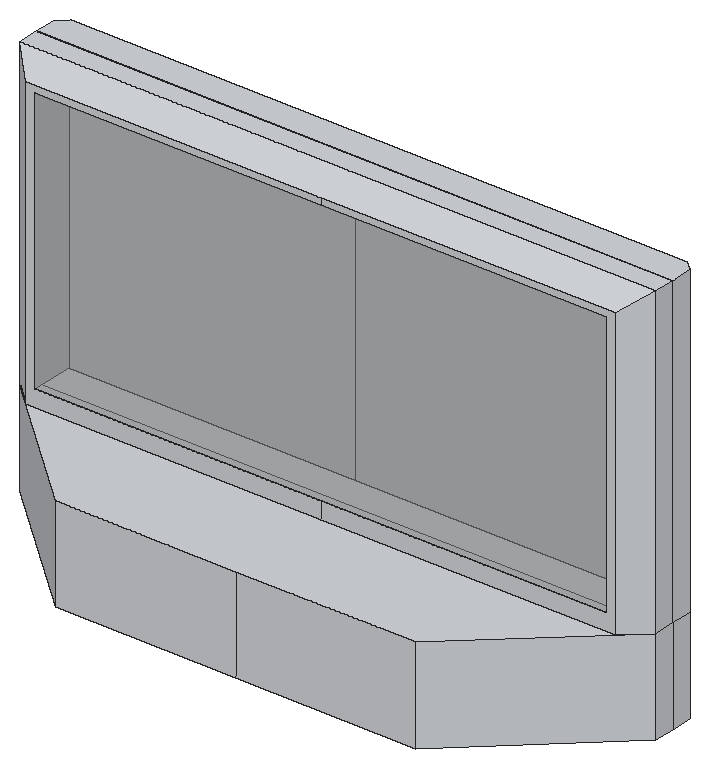
Revit family "7046", category Lighting Fixtures, Revit 2016
Family settings
  Part Type = Normal
  Round Connector Dimension = Use Diameter
  OmniClass Number = 23.80.70.00
  OmniClass Title = Lighting
  Work Plane-Based = No
  Always vertical = Yes
  Cut with Voids When Loaded = No
  Light Source = Yes
  Shared = No
  Room Calculation Point = No
Parameters
  Wattage = 12.1178 W
  built-in parameter 1150110 = 1 (stored number, unit not read)
  built-in parameter 1114217 = 1 (stored number, unit not read)
  built-in parameter 1150109 = 1 (stored number, unit not read)
  built-in parameter 1150134 = (empty or 0)
  built-in parameter 1150113 = 1 (stored number, unit not read)
  Lumens = 1800 lm
  built-in parameter 1150115 = 1 (stored number, unit not read)
  built-in parameter 1150105 = 143.24 (stored number, unit not read)
  Light Source Symbol Size = 2' - 0"
  built-in parameter 1150137 = (empty or 0)
  built-in parameter 1150139 = (empty or 0)
  built-in parameter 1150112 = 1 (stored number, unit not read)
  built-in parameter 1150114 = 1 (stored number, unit not read)
  built-in parameter 1150132 = 2
  built-in parameter 1150102 = (empty or 0)
  built-in parameter 1150138 = (empty or 0)
  built-in parameter 1150107 = 3000 (stored number, unit not read)
  built-in parameter 1150106 = 1.4324 (stored number, unit not read)
  built-in parameter 1150104 = 13.8 (stored number, unit not read)
  Dimming Lamp Color Temperature Shift = (empty or 0)
  Color Filter = 16777215
  built-in parameter 1114218 = 1 (stored number, unit not read)
  built-in parameter 1150133 = 10 (stored number, unit not read)
Reference planes (in)
  plane 1 "Light Source Axis (F/B)": y = -1.5
  plane 2: z = 0
  plane 3 "Light Source Axis (L/R)": x = 0
  plane 4 "Light Source Elevation": z = 5.39634
  plane 5: z = 2.25
  plane 6: x = -7.5
  plane 7: y = -1
Forms (in)
  Extrusion 1, solid
    sketch origin (0, 0, 0) x (1, 0, 0) y (0, 1, 0)
      loop
        line (-7.5, 0) -> (-7.5, -0.5) -> (-4.25, -3.5) -> (0, -3.5) -> (4.25, -3.5) -> (7.5, -0.5) -> (7.5, 0) -> (7.5, 0.5) -> (4.25, 3.5) -> (0, 3.5) -> (-4.25, 3.5) -> (-7.5, 0.5) -> (-7.5, 0)
    from 0 to 2.25
  Extrusion 2, solid
    sketch origin (0, 3.5, 2.25) x (0, 1, 0) y (-1, 0, 0)
      loop
        line (-1.75, 0) -> (-1.75, 6.14583) -> (-3, 7.5) -> (-3.5, 7.5) -> (-3.5, 0) -> (-3.5, -7.5) -> (-3, -7.5) -> (-1.75, -6.14583) -> (-1.75, 0)
    from 0 to 7.25
  Extrusion 3, solid
    sketch origin (0, 3.5, 2.25) x (0, 1, 0) y (-1, 0, 0)
      loop
        line (-3.5, 0) -> (-3.5, 7.5) -> (-4, 7.5) -> (-4.5, 6.95833) -> (-4.5, 0) -> (-4.5, -6.95833) -> (-4, -7.5) -> (-3.5, -7.5) -> (-3.5, 0)
    from 0 to 7.25
  Extrusion 4, void
    sketch origin (-7.5, -180, 0) x (0, 0, 1) y (0, -1, 0)
      loop
        line (9.5, -180.70869) -> (8.68644, -181.75) -> (9.5, -181.75) -> (9.5, -180.70869)
    from 0 to 15
  Extrusion 5, void
    sketch origin (-7.5, -180, 0) x (0, 0, 1) y (0, -1, 0)
      loop
        line (9.5, -179.5) -> (9.5, -179) -> (9.05357, -179) -> (9.5, -179.5)
    from 0 to 15
  Extrusion 6, void
    sketch origin (-7.5, -180, 0.06808) x (0, 0, 1) y (0, -1, 0)
      loop
        line (2.93192, -181.75) -> (3.02227, -181.75) -> (3.02227, -180.75) -> (2.93192, -180.75) -> (2.93192, -181.75)
      loop
        line (3.16541, -181.75) -> (3.25577, -181.75) -> (3.25577, -180.75) -> (3.16541, -180.75) -> (3.16541, -181.75)
      loop
        line (3.39224, -181.75) -> (3.4826, -181.75) -> (3.4826, -180.75) -> (3.39224, -180.75) -> (3.39224, -181.75)
      loop
        line (3.63822, -181.75) -> (3.72858, -181.75) -> (3.72858, -180.75) -> (3.63822, -180.75) -> (3.63822, -181.75)
      loop
        line (3.88365, -181.75) -> (3.97401, -181.75) -> (3.97401, -180.75) -> (3.88365, -180.75) -> (3.88365, -181.75)
      loop
        line (4.11715, -181.75) -> (4.2075, -181.75) -> (4.2075, -180.75) -> (4.11715, -180.75) -> (4.11715, -181.75)
      loop
        line (4.34398, -181.75) -> (4.43433, -181.75) -> (4.43433, -180.75) -> (4.34398, -180.75) -> (4.34398, -181.75)
      loop
        line (4.58996, -181.75) -> (4.68031, -181.75) -> (4.68031, -180.75) -> (4.58996, -180.75) -> (4.58996, -181.75)
      loop
        line (4.85447, -181.75) -> (4.94482, -181.75) -> (4.94482, -180.75) -> (4.85447, -180.75) -> (4.85447, -181.75)
      loop
        line (5.08796, -181.75) -> (5.17832, -181.75) -> (5.17832, -180.75) -> (5.08796, -180.75) -> (5.08796, -181.75)
      loop
        line (5.31479, -181.75) -> (5.40515, -181.75) -> (5.40515, -180.75) -> (5.31479, -180.75) -> (5.31479, -181.75)
      loop
        line (5.56077, -181.75) -> (5.65113, -181.75) -> (5.65113, -180.75) -> (5.56077, -180.75) -> (5.56077, -181.75)
      loop
        line (5.8062, -181.75) -> (5.89656, -181.75) -> (5.89656, -180.75) -> (5.8062, -180.75) -> (5.8062, -181.75)
      loop
        line (6.0397, -181.75) -> (6.13005, -181.75) -> (6.13005, -180.75) -> (6.0397, -180.75) -> (6.0397, -181.75)
      loop
        line (6.26653, -181.75) -> (6.35688, -181.75) -> (6.35688, -180.75) -> (6.26653, -180.75) -> (6.26653, -181.75)
      loop
        line (6.51251, -181.75) -> (6.60286, -181.75) -> (6.60286, -180.75) -> (6.51251, -180.75) -> (6.51251, -181.75)
    from 0 to 24
  Extrusion 7, void
    sketch origin (0, -1, 9.05357) x (0, 0, -1) y (-1, 0, 0)
      loop
        line (0.15723, -6.75) -> (6.4061, -6.75) -> (6.4061, 6.75) -> (0.15723, 6.75) -> (0.15723, -6.75)
    from 0 to 1
  Extrusion 8, solid, material "Acrylic-Brownlee"
    sketch origin (0, -1, 9.05357) x (0, 0, 1) y (-1, 0, 0)
      loop
        line (-0.15723, -6.75) -> (-0.15723, 6.75) -> (-6.4061, 6.75) -> (-6.4061, -6.75) -> (-0.15723, -6.75)
    from 0 to -0.16623
Cuts and joins
  Extrusion 4, Extrusion 6, Extrusion 7 cuts Extrusion 2
  Extrusion 5, Extrusion 7 cuts Extrusion 3
Dimensions and locks (in)
  aligned and locked: plane 3 "Light Source Axis (L/R)" to imposter light
  aligned and locked: plane 1 "Light Source Axis (F/B)" to imposter light
  aligned and locked: plane 4 "Light Source Elevation" to imposter light
  aligned and locked: level to plane 2
